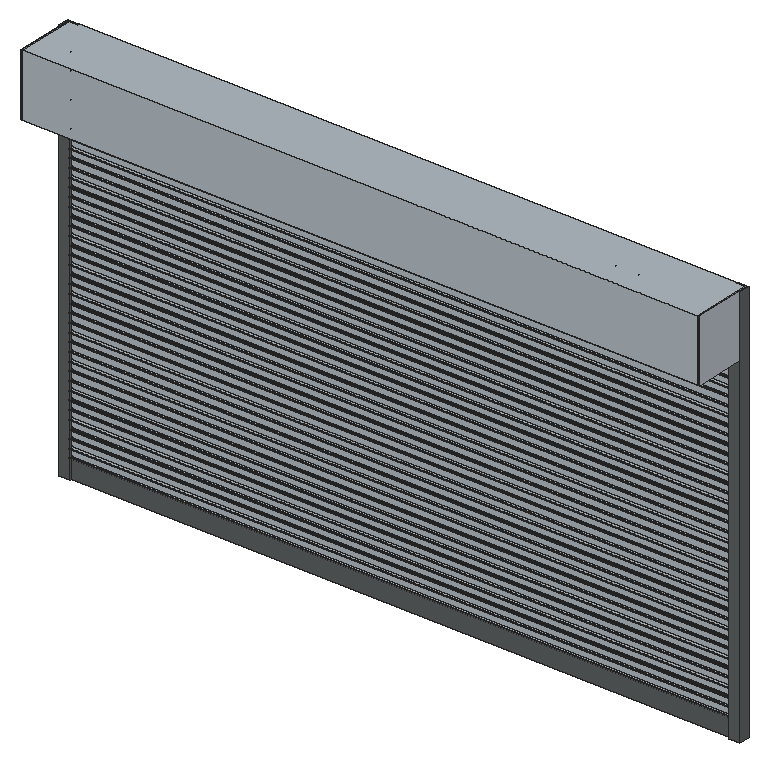
Revit family "Doors_Fire-Doors-Shutters_Wayne-Dalton_Fire-Rated-Counter-Shutters-FireStar-Model-540_", category Specialty Equipment, host Wall, Revit 2019 (continued)
Definition of nested family "Motor"
  Definition of nested family "2D_NotScalableMain_29e791da-3db9-4234-ab15-44456784202b"
    Lines and regions (in)
      Masking region 3, in view "Ref. Level", visible <- "Wall Mount RMX"
        outline origin (0, 0, 0) x (1, 0, 0) y (0, 1, 0)
          loop
            line (2.988, -2.17347) -> (2.988, 0.77483) -> (7.2495, 0.77483) -> (7.2495, -1.81) -> (7.52, -1.81) -> (7.52, 0.79) -> (8.82, 0.79) -> (8.82, 1.59) -> (7.52, 1.59) -> (7.52, 4.19) -> (7.2495, 4.19) -> (7.2495, 1.59) -> (3.108, 1.59) -> (3.108, 1.46193) -> (2.988, 1.46193) -> (2.988, 4.96193) -> (-2.988, 4.96193)
      reference lines, in view "Ref. Level"
        curve 1: line (0, 0, 0) -> (0, 0.125, 0)
        curve 2: line (0, 0, 0) -> (0.125, 0, 0)
      detail lines, in view "Ref. Level", visible <- "Wall Mount"
        curve 3: line (7.2495, 4.19, 0) -> (7.2495, -1.81, 0)
        curve 4: line (7.52, 4.19, 0) -> (7.52, -1.81, 0)
        curve 5: line (-4.134, -2.29347, 0) -> (-4.134, -5.05565, 0)
        curve 6: line (4.116, -2.29347, 0) -> (4.116, -5.05565, 0)
        curve 7: line (-4.134, -2.41307, 0) -> (4.116, -2.41307, 0)
        curve 8: line (4.116, -2.29347, 0) -> (3.108, -2.29347, 0)
        curve 9: line (2.988, -2.17347, 0) -> (2.988, 4.96193, 0)
        curve 10: line (2.988, 4.96193, 0) -> (-2.988, 4.96193, 0)
        curve 11: line (-2.988, 4.96193, 0) -> (-2.988, -2.17347, 0)
        curve 12: arc (-2.988, -2.17347, 0) -> (-3.02315, -2.25832, 0) -> (-3.108, -2.29347, 0) r 0.12
        curve 13: arc (3.108, -2.29347, 0) -> (3.02315, -2.25832, 0) -> (2.988, -2.17347, 0) r 0.12
        curve 21: line (-4.134, -2.29347, 0) -> (-3.108, -2.29347, 0)
      detail lines, in view "Ref. Level", not visible
        curve 14: line (4.57, -3.22517, 0) -> (4.57, 0.77483, 0)
        curve 15: line (4.799, -1.27241, 0) -> (4.799, 0.77483, 0)
      detail lines, in view "Ref. Level", visible <- "Wall Mount RSX"
        curve 16: line (5.199, -0.84111, 0) -> (5.199, 0.77483, 0)
        curve 17: line (-4.5757, -3.22517, 0) -> (-4.5757, 3.22517, 0)
        curve 18: line (-5.42825, -1.86661, 0) -> (-5.42825, 1.86661, 0)
        curve 19: line (-5.5274, 1.76746, 0) -> (-5.5274, -1.76746, 0)
        curve 20: line (-5.7485, -0.96741, 0) -> (-5.7485, 0.96741, 0)
        curve 22: line (5.199, 0.77483, 0) -> (2.988, 0.77483, 0)
        curve 23: line (4.57, 1.59, 0) -> (3.108, 1.59, 0)
        curve 24: line (-4.5757, -3.22517, 0) -> (-4.5757, 3.22517, 0)
        curve 25: line (-5.42825, 1.86661, 0) -> (-5.42825, -1.86661, 0)
        curve 26: line (-5.5274, 1.76746, 0) -> (-5.5274, -1.76746, 0)
        curve 27: line (-5.7485, -0.96741, 0) -> (-5.7485, 0.96741, 0)
        curve 28: line (4.57, 3.22517, 0) -> (4.57, 1.59, 0)
        curve 29: line (4.799, 0.77483, 0) -> (4.799, -1.22759, 0)
    Dimensions and locks (in)
      curve 1 to curve 1 = 1/8"
      curve 2 to curve 2 = 1/8"
      aligned and locked: plane 1 "Center (Front/Back)" to curve 1
      aligned and locked: plane 3 "Center (Left/Right)" to curve 1
      aligned and locked: plane 1 "Center (Front/Back)" to curve 2
Definition of nested family "Label Annotation 1"
  Parameters (values of type "Label Annotation 1-8")
    Label = "Area is too big. Please reduce Door Size."
  Reference planes (in)
    plane 1: y = 0
    plane 2: x = 0
  Text (in)
    label "Label" at (0.00375, -0.00345, 0), shows "Label"
Definition of nested family "Warning Sign"
  Parameters (values of type "Warning Sign")
    Warning Sign [instance] = no
    Default Elevation = 48"
  Reference planes (in)
    plane 1 "Center (Front/Back)": y = 0
    plane 2: z = 0
    plane 3 "Center (Left/Right)": x = 0
    plane 4: y = 0.5
    plane 5: y = -0.5
    plane 6: y = 1
    plane 7: y = 0.25
  Lines and regions (in)
    model lines
      curve 1: line (-1.76418, 1, 20.77727) -> (-20.66156, 1, -11.95396)
      curve 2: line (-19.77575, 1, -12.46538) -> (-0.87837, 1, 20.26584)
      curve 3: arc (1.77908, 1, 20.77727) -> (0.00745, 1, 21.80012) -> (-1.76418, 1, 20.77727) r 2.0457
      curve 4: arc (-0.87837, 1, 20.26584) -> (0.00745, 1, 20.77727) -> (0.89326, 1, 20.26584) r 1.02285
      curve 5: line (0.89326, 1, 20.26584) -> (19.79064, 1, -12.46538)
      curve 6: line (20.67646, 1, -11.95396) -> (1.77908, 1, 20.77727)
      curve 7: arc (19.79064, 1, -12.46538) -> (19.79064, 1, -13.48823) -> (18.90483, 1, -13.99966) r 1.02285
      curve 8: arc (18.90483, 1, -15.02251) -> (20.67646, 1, -13.99966) -> (20.67646, 1, -11.95396) r 2.0457
      curve 9: line (18.90483, 1, -13.99966) -> (-18.88993, 1, -13.99966)
      curve 10: line (-18.88993, 1, -15.02251) -> (18.90483, 1, -15.02251)
      curve 11: arc (-18.88993, 1, -13.99966) -> (-19.77575, 1, -13.48823) -> (-19.77575, 1, -12.46538) r 1.02285
      curve 12: arc (-20.66156, 1, -11.95396) -> (-20.66156, 1, -13.99966) -> (-18.88993, 1, -15.02251) r 2.0457
      curve 13: arc (-1.79043, 1, -8.25704) -> (0.00745, 1, -10.05492) -> (1.80533, 1, -8.25704) r 1.79788
      curve 14: arc (1.80533, 1, -8.25704) -> (0.00745, 1, -6.45916) -> (-1.79043, 1, -8.25704) r 1.79788
      curve 15: arc (-1.27202, 1, -4.07703) -> (0.03439, 1, -5.20006) -> (1.33368, 1, -4.06879) r 1.31655
      curve 16: line (-2.94943, 1, 7.21109) -> (-1.27202, 1, -4.07703)
      curve 17: line (1.33368, 1, -4.06879) -> (2.93699, 1, 7.21109)
      curve 18: arc (2.93699, 1, 7.21109) -> (-0.00622, 1, 10.1543) -> (-2.94943, 1, 7.21109) r 2.94321
      curve 19: line (-1.76418, -0.5, 20.77727) -> (-20.66156, -0.5, -11.95396)
      curve 20: line (-19.77575, -0.5, -12.46538) -> (-0.87837, -0.5, 20.26584)
      curve 21: arc (1.77908, -0.5, 20.77727) -> (0.00745, -0.5, 21.80012) -> (-1.76418, -0.5, 20.77727) r 2.0457
      curve 22: arc (-0.87837, -0.5, 20.26584) -> (0.00745, -0.5, 20.77727) -> (0.89326, -0.5, 20.26584) r 1.02285
      curve 23: line (0.89326, -0.5, 20.26584) -> (19.79064, -0.5, -12.46538)
      curve 24: line (20.67646, -0.5, -11.95396) -> (1.77908, -0.5, 20.77727)
      curve 25: arc (19.79064, -0.5, -12.46538) -> (19.79064, -0.5, -13.48823) -> (18.90483, -0.5, -13.99966) r 1.02285
      curve 26: arc (18.90483, -0.5, -15.02251) -> (20.67646, -0.5, -13.99966) -> (20.67646, -0.5, -11.95396) r 2.0457
      curve 27: line (18.90483, -0.5, -13.99966) -> (-18.88993, -0.5, -13.99966)
      curve 28: line (-18.88993, -0.5, -15.02251) -> (18.90483, -0.5, -15.02251)
      curve 29: arc (-18.88993, -0.5, -13.99966) -> (-19.77575, -0.5, -13.48823) -> (-19.77575, -0.5, -12.46538) r 1.02285
      curve 30: arc (-20.66156, -0.5, -11.95396) -> (-20.66156, -0.5, -13.99966) -> (-18.88993, -0.5, -15.02251) r 2.0457
      curve 31: arc (-1.79043, -0.5, -8.25704) -> (0.00745, -0.5, -10.05492) -> (1.80533, -0.5, -8.25704) r 1.79788
      curve 32: arc (1.80533, -0.5, -8.25704) -> (0.00745, -0.5, -6.45916) -> (-1.79043, -0.5, -8.25704) r 1.79788
      curve 33: arc (-1.27202, -0.5, -4.07703) -> (0.03439, -0.5, -5.20006) -> (1.33368, -0.5, -4.06879) r 1.31655
      curve 34: line (-2.94943, -0.5, 7.21109) -> (-1.27202, -0.5, -4.07703)
      curve 35: line (1.33368, -0.5, -4.06879) -> (2.93699, -0.5, 7.21109)
      curve 36: arc (2.93699, -0.5, 7.21109) -> (-0.00622, -0.5, 10.1543) -> (-2.94943, -0.5, 7.21109) r 2.94321
  Dimensions and locks (in)
    locked: plane 1 "Center (Front/Back)" to plane 4 at 0.5
    equal spacing: plane 1 "Center (Front/Back)", plane 7, plane 4
    locked: plane 4 to plane 6 at 0.5
    locked: plane 5 to plane 1 "Center (Front/Back)" at 0.5
    aligned and locked: plane 2 to level
  Automatic sketch dimensions
    curve 21 to curve 22 = 0"  (x2)
    curve 25 to curve 26 = 0"  (x2)
    curve 29 to curve 30 = 0"  (x2)
    curve 31 to curve 32 = 0"  (x2)
    curve 19 to plane 3 "Center (Left/Right)" = 1.76418"
    level to curve 19 = 20.77727"
    plane 3 "Center (Left/Right)" to curve 24 = 1.77908"
    curve 24 to curve 21 = 0"
    curve 20 to plane 3 "Center (Left/Right)" = 0.87837"
    curve 21 to curve 20 = 0.51143"
    plane 3 "Center (Left/Right)" to curve 23 = 0.89326"
    curve 23 to curve 21 = 0.51143"
    plane 3 "Center (Left/Right)" to curve 35 = 2.93699"
    level to curve 35 = 7.21109"
    plane 3 "Center (Left/Right)" to curve 33 = 0.03023"
    curve 33 to level = 3.88352"
    curve 35 to level = 4.06879"
    curve 34 to level = 4.07703"
    plane 3 "Center (Left/Right)" to curve 31 = 0.00745"
    curve 31 to level = 8.25704"
    curve 19 to level = 11.95396"
    curve 24 to level = 11.95396"
    curve 30 to curve 20 = 0.51143"
    curve 26 to curve 23 = 0.51143"
    curve 29 to curve 30 = 0.51143"
    curve 25 to curve 25 = 0.51143"
    curve 30 to curve 27 = 1.02285"
    curve 29 to curve 28 = 1.02285"
    curve 34 to plane 3 "Center (Left/Right)" = 2.94943"
    curve 30 to plane 3 "Center (Left/Right)" = 18.88993"
    curve 34 to plane 3 "Center (Left/Right)" = 1.27202"
    plane 3 "Center (Left/Right)" to curve 25 = 18.90483"
    curve 31 to plane 3 "Center (Left/Right)" = 1.79043"
    curve 3 to curve 4 = 0"  (x2)
    curve 7 to curve 8 = 0"  (x2)
    curve 11 to curve 12 = 0"  (x2)
    curve 13 to curve 14 = 0"  (x2)
    curve 1 to plane 3 "Center (Left/Right)" = 1.76418"
    level to curve 1 = 20.77727"
    plane 3 "Center (Left/Right)" to curve 6 = 1.77908"
    curve 6 to curve 3 = 0"
    curve 2 to plane 3 "Center (Left/Right)" = 0.87837"
    curve 3 to curve 2 = 0.51143"
    plane 3 "Center (Left/Right)" to curve 5 = 0.89326"
    curve 5 to curve 3 = 0.51143"
    plane 3 "Center (Left/Right)" to curve 17 = 2.93699"
    level to curve 17 = 7.21109"
    plane 3 "Center (Left/Right)" to curve 15 = 0.03023"
    curve 15 to level = 3.88352"
    curve 17 to level = 4.06879"
    curve 16 to level = 4.07703"
    plane 3 "Center (Left/Right)" to curve 13 = 0.00745"
    curve 13 to level = 8.25704"
    curve 1 to level = 11.95396"
    curve 6 to level = 11.95396"
    curve 12 to curve 2 = 0.51143"
    curve 8 to curve 5 = 0.51143"
    curve 11 to curve 12 = 0.51143"
    curve 7 to curve 7 = 0.51143"
    curve 12 to curve 9 = 1.02285"
    curve 11 to curve 10 = 1.02285"
    curve 16 to plane 3 "Center (Left/Right)" = 2.94943"
    curve 12 to plane 3 "Center (Left/Right)" = 18.88993"
    curve 16 to plane 3 "Center (Left/Right)" = 1.27202"
    plane 3 "Center (Left/Right)" to curve 7 = 18.90483"
    curve 13 to plane 3 "Center (Left/Right)" = 1.79043"
Types (9): name | Voltage | Side Room Right | Operator Visibility | Number of Poles | Lookup BD | Hood Height | Lookup HH | Headroom Height Real | Headroom Height | Frequency | Floor To CL shaft | Electric Operator | Door Height True | Floor To (CL) of Shaft | Crank | Manual | Current | Backroom Depth | Apparent Load Phase 3 | Apparent Load Phase 2 | Apparent Load Phase 1
  115 volts, one phase, 60 Hz (110-120V range) | 115 V | 8" | yes | 1 | 13 1/8" | 13 1/2" | 13 1/2" | 16 1/2" | 16 1/2" | 60 Hz | 69 3/4" | yes | 136 1/2" | 105 3/4" | no | no | 20 A | 13 1/8" | 0 VA | 0 VA | 2300 VA
  ‏​Manual push-up | 0 V | 3" | no | 1 | 11 1/8" | 11 1/2" | 11 1/2" | 14 1/2" | 14 1/2" | 0 Hz | 68 3/4" | no | 134 1/2" | 104 3/4" | no | yes | 0 A | 11 1/8" | 0 VA | 0 VA | 0 VA
  230 volts, three phase, 60 Hz (208-245V range) | 230 V | 8" | yes | 3 | 13 1/8" | 13 1/2" | 13 1/2" | 16 1/2" | 16 1/2" | 60 Hz | 69 3/4" | yes | 136 1/2" | 105 3/4" | no | no | 20 A | 13 1/8" | 2655.81 VA | 2655.81 VA | 2655.81 VA
  230 volts, one phase, 60 Hz (208-245V range) | 230 V | 8" | yes | 1 | 13 1/8" | 13 1/2" | 13 1/2" | 16 1/2" | 16 1/2" | 60 Hz | 69 3/4" | yes | 136 1/2" | 105 3/4" | no | no | 20 A | 13 1/8" | 0 VA | 0 VA | 4600 VA
  460 volts, three phase, 60 Hz (456-495V range) | 460 V | 8" | yes | 3 | 13 1/8" | 13 1/2" | 13 1/2" | 16 1/2" | 16 1/2" | 60 Hz | 69 3/4" | yes | 136 1/2" | 105 3/4" | no | no | 20 A | 13 1/8" | 5311.62 VA | 5311.62 VA | 5311.62 VA
  208 volts, one phase, 60 Hz (190-207V range) | 208 V | 8" | yes | 1 | 13 1/8" | 13 1/2" | 13 1/2" | 16 1/2" | 16 1/2" | 60 Hz | 69 3/4" | yes | 136 1/2" | 105 3/4" | no | no | 20 A | 13 1/8" | 0 VA | 0 VA | 4160 VA
  208 volts, three phase, 60 Hz (190-207V range) | 208 V | 8" | yes | 3 | 13 1/8" | 13 1/2" | 13 1/2" | 16 1/2" | 16 1/2" | 60 Hz | 69 3/4" | yes | 136 1/2" | 105 3/4" | no | no | 20 A | 13 1/8" | 2401.78 VA | 2401.78 VA | 2401.78 VA
  575 volts, three phase, 60 Hz | 575 V | 8" | yes | 3 | 13 1/8" | 13 1/2" | 13 1/2" | 16 1/2" | 16 1/2" | 60 Hz | 69 3/4" | yes | 136 1/2" | 105 3/4" | no | no | 20 A | 13 1/8" | 6639.53 VA | 6639.53 VA | 6639.53 VA
  Manual crank | 0 V | 5" | yes | 1 | 9 1/8" | 9 1/2" | 9 1/2" | 12 1/2" | 12 1/2" | 0 Hz | 67 3/4" | no | 132 1/2" | 103 3/4" | yes | no | 0 A | 9 1/8" | 0 VA | 0 VA | 0 VA
